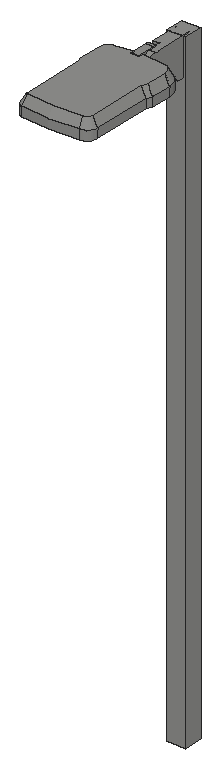
Revit family "VP-2-AAU", category Lighting Fixtures, host Face, Revit 2019 (continued)
Definition of nested family "SIZE2-AAU"
  Automatic sketch dimensions
    Extrusion 21 sketch curve to Extrusion 21 sketch curve = 0.06241"
    Extrusion 21 sketch curve to Extrusion 21 sketch curve = 0.47992"
    Extrusion 21 sketch curve to Extrusion 21 sketch curve = 0.20146"
    Extrusion 22 sketch curve to plane 4 = 1.71682"
    Extrusion 22 sketch curve to plane 8 = 0.46661"
    Extrusion 22 sketch curve to Extrusion 22 sketch curve = 0.02618"
    Extrusion 22 sketch curve to Extrusion 22 sketch curve = 0.1119"
    Extrusion 22 sketch curve to plane 8 = 0.03691"
    Extrusion 22 sketch curve to Extrusion 22 sketch curve = 0.36056"
    Extrusion 22 sketch curve to plane 8 = 0.00781"
    Extrusion 22 sketch curve to Extrusion 22 sketch curve = 0.06241"
    Extrusion 22 sketch curve to Extrusion 22 sketch curve = 0.47992"
    Extrusion 22 sketch curve to Extrusion 22 sketch curve = 0.20146"
    Extrusion 23 sketch curve to plane 4 = 1.71682"
    Extrusion 23 sketch curve to plane 8 = 0.46661"
    Extrusion 23 sketch curve to Extrusion 23 sketch curve = 0.02618"
    Extrusion 23 sketch curve to Extrusion 23 sketch curve = 0.1119"
    Extrusion 23 sketch curve to plane 8 = 0.03691"
    Extrusion 23 sketch curve to Extrusion 23 sketch curve = 0.36056"
    Extrusion 23 sketch curve to plane 8 = 0.00781"
    Extrusion 23 sketch curve to Extrusion 23 sketch curve = 0.06241"
    Extrusion 23 sketch curve to Extrusion 23 sketch curve = 0.47992"
    Extrusion 23 sketch curve to Extrusion 23 sketch curve = 0.20146"
    Extrusion 24 sketch curve to plane 4 = 1.71682"
    Extrusion 24 sketch curve to plane 8 = 0.46661"
    Extrusion 24 sketch curve to Extrusion 24 sketch curve = 0.02618"
    Extrusion 24 sketch curve to Extrusion 24 sketch curve = 0.1119"
    Extrusion 24 sketch curve to plane 8 = 0.03691"
    Extrusion 24 sketch curve to Extrusion 24 sketch curve = 0.36056"
    Extrusion 24 sketch curve to plane 8 = 0.00781"
    Extrusion 24 sketch curve to Extrusion 24 sketch curve = 0.06241"
    Extrusion 24 sketch curve to Extrusion 24 sketch curve = 0.47992"
    Extrusion 24 sketch curve to Extrusion 24 sketch curve = 0.20146"
    Extrusion 25 sketch curve to plane 4 = 1.71682"
    Extrusion 25 sketch curve to plane 8 = 0.46661"
    Extrusion 25 sketch curve to Extrusion 25 sketch curve = 0.02618"
    Extrusion 25 sketch curve to Extrusion 25 sketch curve = 0.1119"
    Extrusion 25 sketch curve to plane 8 = 0.03691"
    Extrusion 25 sketch curve to Extrusion 25 sketch curve = 0.36056"
    Extrusion 25 sketch curve to plane 8 = 0.00781"
    Extrusion 25 sketch curve to Extrusion 25 sketch curve = 0.06241"
    Extrusion 25 sketch curve to Extrusion 25 sketch curve = 0.47992"
    Extrusion 25 sketch curve to Extrusion 25 sketch curve = 0.20146"
    Extrusion 26 sketch curve to plane 5 = 1.71682"
    plane 8 to Extrusion 26 sketch curve = 0.46661"
    Extrusion 26 sketch curve to Extrusion 26 sketch curve = 0.02618"
    Extrusion 26 sketch curve to Extrusion 26 sketch curve = 0.1119"
    plane 8 to Extrusion 26 sketch curve = 0.03691"
    Extrusion 26 sketch curve to Extrusion 26 sketch curve = 0.36056"
    plane 8 to Extrusion 26 sketch curve = 0.00781"
    Extrusion 26 sketch curve to Extrusion 26 sketch curve = 0.06241"
    Extrusion 26 sketch curve to Extrusion 26 sketch curve = 0.47992"
    Extrusion 26 sketch curve to Extrusion 26 sketch curve = 0.20146"
    plane 5 to Extrusion 27 sketch curve = 1.71682"
    Extrusion 27 sketch curve to plane 8 = 0.46661"
    Extrusion 27 sketch curve to Extrusion 27 sketch curve = 0.02618"
    Extrusion 27 sketch curve to Extrusion 27 sketch curve = 0.1119"
    Extrusion 27 sketch curve to plane 8 = 0.03691"
    Extrusion 27 sketch curve to Extrusion 27 sketch curve = 0.36056"
    Extrusion 27 sketch curve to plane 8 = 0.00781"
    Extrusion 27 sketch curve to Extrusion 27 sketch curve = 0.06241"
    Extrusion 27 sketch curve to Extrusion 27 sketch curve = 0.47992"
    Extrusion 27 sketch curve to Extrusion 27 sketch curve = 0.20146"
    plane 5 to Extrusion 28 sketch curve = 1.71682"
    Extrusion 28 sketch curve to plane 8 = 0.46661"
    Extrusion 28 sketch curve to Extrusion 28 sketch curve = 0.02618"
    Extrusion 28 sketch curve to Extrusion 28 sketch curve = 0.1119"
    Extrusion 28 sketch curve to plane 8 = 0.03691"
    Extrusion 28 sketch curve to Extrusion 28 sketch curve = 0.36056"
    Extrusion 28 sketch curve to plane 8 = 0.00781"
    Extrusion 28 sketch curve to Extrusion 28 sketch curve = 0.06241"
    Extrusion 28 sketch curve to Extrusion 28 sketch curve = 0.47992"
    Extrusion 28 sketch curve to Extrusion 28 sketch curve = 0.20146"
    plane 5 to Extrusion 29 sketch curve = 1.71682"
    Extrusion 29 sketch curve to plane 8 = 0.46661"
    Extrusion 29 sketch curve to Extrusion 29 sketch curve = 0.02618"
    Extrusion 29 sketch curve to Extrusion 29 sketch curve = 0.1119"
    Extrusion 29 sketch curve to plane 8 = 0.03691"
    Extrusion 29 sketch curve to Extrusion 29 sketch curve = 0.36056"
    Extrusion 29 sketch curve to plane 8 = 0.00781"
    Extrusion 29 sketch curve to Extrusion 29 sketch curve = 0.06241"
    Extrusion 29 sketch curve to Extrusion 29 sketch curve = 0.47992"
    Extrusion 29 sketch curve to Extrusion 29 sketch curve = 0.20146"
    plane 5 to Extrusion 30 sketch curve = 1.71682"
    Extrusion 30 sketch curve to plane 8 = 0.46661"
    Extrusion 30 sketch curve to Extrusion 30 sketch curve = 0.02618"
    Extrusion 30 sketch curve to Extrusion 30 sketch curve = 0.1119"
    Extrusion 30 sketch curve to plane 8 = 0.03691"
    Extrusion 30 sketch curve to Extrusion 30 sketch curve = 0.36056"
    Extrusion 30 sketch curve to plane 8 = 0.00781"
    Extrusion 30 sketch curve to Extrusion 30 sketch curve = 0.06241"
    Extrusion 30 sketch curve to Extrusion 30 sketch curve = 0.47992"
    Extrusion 30 sketch curve to Extrusion 30 sketch curve = 0.20146"
    plane 5 to Extrusion 31 sketch curve = 1.77513"
    Extrusion 31 sketch curve to Extrusion 31 sketch curve = 0.35"  (x3)
    Extrusion 31 sketch curve to plane 4 = 2.07197"  (x2)
    plane 6 to Extrusion 31 sketch curve = 7.81182"
    Extrusion 31 sketch curve to Extrusion 31 sketch curve = 5.05"
    plane 5 to Extrusion 32 sketch curve = 2.33171"
    Extrusion 32 sketch curve to Extrusion 32 sketch curve = 0.00"  (x61)
    Extrusion 32 sketch curve to Extrusion 32 sketch curve = 0.51875"  (x27)
    plane 6 to Extrusion 32 sketch curve = 8.73694"
    Extrusion 32 sketch curve to Extrusion 32 sketch curve = 0.50"  (x72)
    plane 4 to Extrusion 33 sketch curve = 2.33171"
    Extrusion 33 sketch curve to Extrusion 33 sketch curve = 0.00"  (x61)
    Extrusion 33 sketch curve to Extrusion 33 sketch curve = 0.51875"  (x27)
    Extrusion 33 sketch curve to plane 6 = 8.73694"
    Extrusion 33 sketch curve to Extrusion 33 sketch curve = 0.50"  (x72)
    plane 5 to Extrusion 34 sketch curve = 1.89345"
    Extrusion 34 sketch curve to Extrusion 34 sketch curve = 0.25"  (x3)
    Extrusion 34 sketch curve to plane 3 "Center (Left/Right)" = 0.54655"  (x2)
    plane 6 to Extrusion 34 sketch curve = 8.2409"
    Extrusion 34 sketch curve to Extrusion 34 sketch curve = 4.50"
    plane 4 to Extrusion 35 sketch curve = 1.89345"
    Extrusion 35 sketch curve to Extrusion 35 sketch curve = 0.25"  (x3)
    Extrusion 35 sketch curve to plane 3 "Center (Left/Right)" = 0.54655"  (x2)
    Extrusion 35 sketch curve to plane 6 = 8.2409"
    Extrusion 35 sketch curve to Extrusion 35 sketch curve = 4.50"
    Extrusion 36 sketch curve to plane 8 = 0.00"
    Extrusion 36 sketch curve to plane 1 "Center (Front/Back)" = 0.00"
    Extrusion 36 sketch curve to level = 1.406"
    plane 8 to Extrusion 36 sketch curve = 3.692"
    level to Extrusion 36 sketch curve = 1.12478"
    Extrusion 36 sketch curve to plane 6 = 3.59188"
    Extrusion 36 sketch curve to plane 6 = 1.06082"
    Extrusion 37 sketch curve to plane 8 = 0.00"
    Extrusion 37 sketch curve to plane 1 "Center (Front/Back)" = 0.00"
    Extrusion 37 sketch curve to plane 6 = 2.18571"
    plane 6 to Extrusion 37 sketch curve = 1.31429"
    Extrusion 38 sketch curve to plane 3 "Center (Left/Right)" = 0.00"
    Extrusion 38 sketch curve to Extrusion 38 sketch curve = 1.50"
    Extrusion 38 sketch curve to plane 6 = 3.59188"
    plane 6 to Extrusion 38 sketch curve = 0.80"
    radius of Extrusion 7 sketch curve = 0.15"  (x81)
    radius of Extrusion 8 sketch curve = 0.15"  (x81)
    radius of Extrusion 32 sketch curve = 0.15"  (x81)
    radius of Extrusion 33 sketch curve = 0.15"  (x81)
